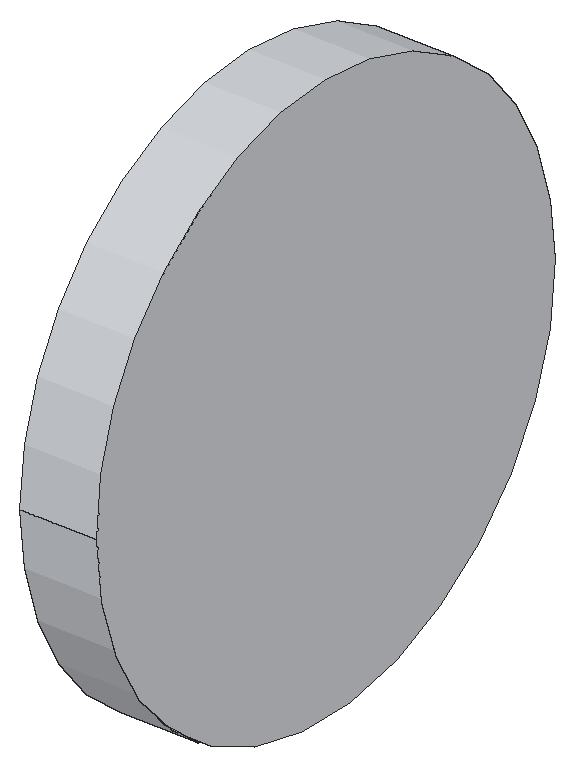
Revit family "M_Flange - Cega - Aço - Classe 300", category Conexões de tubo, Revit 2019
Family settings
  Cota do conector redondo = Usar raio
  Tipo de parte = Cobertura
  Número OmniClass = 23.60.30.11.14
  Título OmniClass = Pipework Fittings
  ID de item do Seek = Flange - Blind - Steel - Class 300-0000-CAN-ENU
  Com base no plano de trabalho = Não
  Sempre na vertical = Sim
  Corte com vazios quando carregada = Não
  Compartilhado = Não
Parameters (values of type "Padrão")
  Tamanho da marca de revisão [instance] = Diâmetro externo da flange * 0.4  # 38 mm
  Espessura da face elevada [instance] = 1.587 mm  # constant formula
  Raio da face elevada [instance] = Diâmetro da face elevada / 2  # 17.45 mm
  Diâmetro da face elevada [instance] = size_lookup(Nome da tabela de pesquisa, "RFD", 1.11 * Diâmetro nominal + 34.727 mm, Diâmetro nominal)  # 34.9 mm
  Raio nominal [instance] = 7.5 mm
  Diâmetro nominal [instance] = Raio nominal * 2  # 15 mm
  Método de perda = Não definido
  Nome da tabela de pesquisa = "M_Flange - Blind - Steel - Class 300"
  Espessura do flange [instance] = size_lookup(Nome da tabela de pesquisa, "FThk", 0.09 * Diâmetro nominal + 17.363 mm, Diâmetro nominal)  # 12.7 mm
  Raio externo da flange [instance] = Diâmetro externo da flange / 2  # 47.5 mm
  Diâmetro externo da flange [instance] = size_lookup(Nome da tabela de pesquisa, "FOD", 1.37 * Diâmetro nominal + 99.219 mm, Diâmetro nominal)  # 95 mm
Reference planes
  plane 1 "Centro (Frente/Trás)": y = 0
  plane 2: z = 0
  plane 3 "Centro (Esquerda/Direita)": x = 0
  plane 4: x = 1.588
  plane 5: x = 14.288
  plane 6: y = 38
  plane 7: y = -38
Forms (mm)
  Extrusion 1, solid, detail levels fine
    sketch origin (0, 0, 0) x (0, 1, 0) y (0, 0, 1)
      loop
        circle (0, 0) r 17.45
    from 0 to 1.587
  Extrusion 2, solid, detail levels fine
    sketch origin (0, 0, 0) x (0, 1, 0) y (0, 0, 1)
      loop
        circle (0, 0) r 47.5
    from 1.588 to 14.288
Cuts and joins
  joined: Extrusion 1, Extrusion 2
Lines and regions (mm)
  model lines, detail levels coarse+medium
    curve 1: line (0, 38, 0) -> (0, -38, 0)
Dimensions and locks
  "Espessura da face elevada": plane 3 "Centro (Esquerda/Direita)" to plane 4
  "Espessura do flange": plane 4 to plane 5
  equal spacing: plane 6, plane 1 "Centro (Frente/Trás)", plane 7
  "Tamanho da marca de revisão": plane 6 to plane 1 "Centro (Frente/Trás)"
  "Raio da face elevada": radius of Extrusion 1 sketch curve
  "Raio externo da flange": radius of Extrusion 2 sketch curve
  aligned and locked: plane 6 to curve 1
  aligned and locked: plane 7 to curve 1
  aligned and locked: plane 1 "Centro (Frente/Trás)" to Extrusion 1 sketch curve
  aligned and locked: plane 2 to Extrusion 1 sketch curve
  aligned and locked: Extrusion 1 to plane 3 "Centro (Esquerda/Direita)"
  aligned and locked: plane 4 to Extrusion 1
  aligned and locked: plane 1 "Centro (Frente/Trás)" to Extrusion 2 sketch curve
  aligned and locked: plane 2 to Extrusion 2 sketch curve
  aligned and locked: Extrusion 2 to plane 4
  aligned and locked: plane 5 to Extrusion 2
Automatic sketch dimensions
  curve 1 to plane 6 = 0 mm
  curve 1 to plane 3 "Centro (Esquerda/Direita)" = 0 mm
  Extrusion 2 sketch curve to level = 0 mm
Connectors
  piping at (0, 0, 0), diameter 15, driven by "Raio nominal"
    settings: on cut or joined group of Extrusion 1, Extrusion 2, index 1, connector inside diameter 15 mm, connector length 0 mm, flow factor 0, pipe flow 0.0 L/s, pressure drop 0.0 Pa, fitting loss kfactor 0, connector angle 0.00°, fixture units 0, engagement length 0 mm, angle of deflection 0.00°, flow configuration 0, flow direction 0, fitting loss method 0, system type 28, joint type 0, gender type 0, connector reference index -1, connector utility 0, adjustable connector no, is connector primary yes, connector description ""
